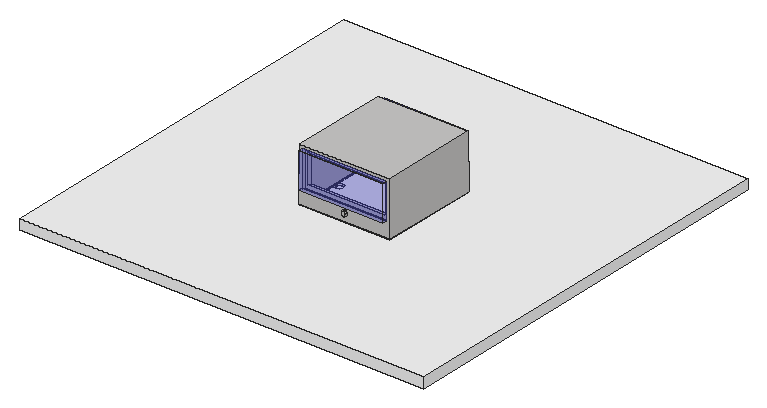
Revit family "BE_23013.2_de_DE", category Leuchten, Revit 2020
Family settings
  Basisbauteil = Fläche
  Bemaßung runder Anschluss = Durchmesser verwenden
  Teiletyp = Normal
  Beim Laden mit Abzugskörper schneiden = Ja
  Lichtquelle = Ja
  Gemeinsam genutzt = Nein
  Raumberechnungspunkt = Ja
Parameters (values of type "BEGA_23013.2_K3")
  built-in parameter 1150104 = 12.387 (stored number, unit not read)
  Wattage = 4.2 W
  Default Elevation = 0 mm
  built-in parameter 1150113 = 1 (stored number, unit not read)
  built-in parameter 1114218 = 1 (stored number, unit not read)
  Umgebungstemperatur = "25 °C"
  URL = "http://www.bega.de/de/produkt/23013.2"
  Typenkommentare = "© 2022 BEGA. Wir behalten uns das Recht vor, technische Änderungen ohne vorherige Ankündigung vorzunehmen."  # constant formula
  built-in parameter 1150134 = 12
  built-in parameter 1150109 = 1 (stored number, unit not read)
  Strom = ""
  built-in parameter 1150110 = 1 (stored number, unit not read)
  Spannung = 239.996 V
  Sonderanfertigung = no
  Seriennummer [instance] = "Hier können Sie die eindeutige Seriennummer für das Facility Management eintragen."
  Schutzklasse = "I"
  Schutzart = "IP 20"
  Scheinlast = 0 VA
  Produktdatenblatt = "http://www.bega.de/download/Xrfa/db/23013.2.db.de.pdf"
  Oberflächentemperatur = ""
  Neigungswinkel = 0.00°
  Model = "23013.2K4"
  Material_17 = BEGA_Reflektor
  Material_15 = BEGA_Leuchtmedium_matt
  Material_11 = BEGA_Glas_opal
  Material_09 = BEGA_Glas_klar
  Material_08 = BEGA_Oberfläche_Stahl_verzinkt
  Material_06 = BEGA_Oberfläche_Edelstahl_gebürstet
  Material_05 = BEGA_Oberfläche_Aluminium Guss
  Material_03 = BEGA_Oberfläche_Weiss_matt
  Material_02 = BEGA_Oberfläche_Silber_matt
  Material_01 [instance] = BEGA_Oberfläche_Grafit_matt
  M_W = no
  M_G = no
  M_A = no
  Logo = 0
  built-in parameter 1114217 = 1 (stored number, unit not read)
  built-in parameter 1150139 = (empty or 0)
  built-in parameter 1150105 = 44.562 (stored number, unit not read)
  built-in parameter 1150114 = 1 (stored number, unit not read)
  Lumens = 559.986 lm
  built-in parameter 1150115 = 1 (stored number, unit not read)
  Leuchtenlichtstrom = "229 lm"
  Leuchtenanzahl = ""
  Lebensdauerkriterien = "L70B50 @ 25 °C = 445000 h"
  Lastklassifizierung = Beleuchtung
  built-in parameter 1150112 = 1 (stored number, unit not read)
  Lampenlichtstrom = "530 lm"
  Lamp = "LED 4.2 W"
  LED_Modulbezeichnung = "2x LED-0234/940"
  Hersteller = "BEGA"  # constant formula
  Halbstreuwinkel = ""
  Gewicht = "0.7 kg"
  Gebrauchslageneinschränkung [instance] = ""
  Frequenz = "0/50-60 Hz"
  Farbwiedergabeindex = "CRI > 90"
  Farbtemperaturverschiebung bei Dämpfen der Lampe = <Keine Auswahl>
  Farbtemperatur = "4000 K"
  Color Filter = 16777215
  built-in parameter 1150133 = 10 (stored number, unit not read)
  Energieeffizienzklasse = "LED A++ - A"
  built-in parameter 1150137 = (empty or 0)
  built-in parameter 1150132 = (empty or 0)
  ENEC = "ja"
  Dimmbar [instance] = ""
  Photometric Web File = "BE_23013.2K4.IES"
  CE_Konformität = "ja"
  Bestellnummer = "23013.2K4"
  Beschreibung_Sonderanfertigung = "Hier können Sie Informationen zur Sonderanfertigung eintragen."
  Beschreibung = "Wandleuchte"
  built-in parameter 1150106 = 0.44562 (stored number, unit not read)
  Befestigungsbohrung = "Ø 8,5 mm"
  Befestigungsabstand = "68 mm"
  Ballwurfsicher = ""
  BEGA_Intern_aus = yes
  BEGA_Intern_an = yes
  BEGA_Intern_Konstruktion = yes
  BEGA_Intern = yes
  BEGA_IES = yes
  BEGA_Dummy = no
  Anschlussleitung = ""
  Anschlussleistung [instance] = "5.7 W"
  Anschlusskasten = ""
  built-in parameter 1150107 = 4000 (stored number, unit not read)
  built-in parameter 1150102 = (empty or 0)
  built-in parameter 1150138 = (empty or 0)
  Aktualisierung = "2019-07-05T04:00:16"
  Abstand_zur_angestrahlten_Fläche [instance] = ""
  AC/DC = "AC/DC"
Reference planes
  plane 1 "Mitte (Vorne/Hinten)": y = 0
  plane 2: z = 0
  plane 3 "Mitte (Links/Rechts)": x = 0
  plane 4 "Links": x = -45
  plane 5 "Rechts": x = 45
  plane 6 "Unten": y = -53.25
  plane 7 "Oben": y = 53.25
  plane 8 "Vorne": z = 54
  plane 9 "Hinten": z = 0
Forms (mm)
  Extrusion 1, solid, material "BEGA_Platte_Weiss"
    sketch origin (0, -1119.2, 0) x (1, 0, 0) y (0, 1, 0)
      loop
        line (-200, 1319.2) -> (-200, 919.2) -> (200, 919.2) -> (200, 1319.2) -> (-200, 1319.2)
    from 0 to -10
  Extrusion 2, solid, material "BEGA_Dummy_matt", visible <- "BEGA_Dummy"
    sketch origin (80.095, -76.023, 0) x (1, 0, 0) y (0, 1, 0)
      loop
        line (-125.095, 129.273) -> (-125.095, 22.773) -> (-35.095, 22.773) -> (-35.095, 129.273) -> (-125.095, 129.273)
    from 0 to 54
Dimensions and locks
  plane 1 "Mitte (Vorne/Hinten)" to Extrusion 1 = 200 mm
  aligned and locked: plane 2 to Extrusion 1
  aligned and locked: level to Extrusion 1
Nested families
  nested 1: "BE_23013.2" at (0, 0, 0), type "BE_23013.2"
Connectors
  electrical at (0, 0, 0), driven by "Lastklassifizierung", driven by "Spannung", driven by "Scheinlast"
    settings: index 1, voltage 239.996 V, apparent load 0 VA, apparent load phase1 0 VA, apparent load phase2 0 VA, apparent load phase3 0 VA, power factor 1, load classification "Beleuchtung", number of poles 1, system type 31, power factor state 1, is connector primary yes, connector utility no, sub classification motor no, connector description ""
Definition of nested family "BE_23013.2"
  Parameters (values of type "BE_23013.2")
    Default Elevation = 1 mm
    URL = "http://www.bega.de/de/produkt"
    Type Comments = "© 2015 BEGA. Wir behalten uns das Recht vor, technische Änderungen ohne vorherige Ankündigung vorzunehmen. "  # constant formula
    Type Image = (empty or 0)
    Neigungswinkel_um_Z2 = 0.00°
    Neigungswinkel_um_Z1 = 0.00°
    Neigungswinkel_um_Y2 = 0.00°
    Neigungswinkel_um_Y1 = 0.00°
    Neigungswinkel_um_X2 = 0.00°
    Neigungswinkel_um_X1 = 0.00°
    Material_17 = none
    Material_15 = none
    Material_11 = none
    Material_09 = none
    Material_08 = none
    Material_06 = none
    Material_05 = none
    Material_03 = none
    Material_02 = none
    Material_01 = none
    M_W = yes
    M_G = yes
    M_A = yes
    Länge_Platte = 200 mm  # constant formula
    Höhe_Platte = -10 mm  # constant formula
    Manufacturer = "BEGA"  # constant formula
    Drehwinkel_um_Z2 = 0.00°
    Drehwinkel_um_Z1 = 0.00°
    Breite_Platte = 200 mm  # constant formula
  Reference planes
    plane 1 "Mitte (Oben/Unten)": y = 0
    plane 2: z = 0
    plane 3 "Mitte (Links/Rechts)": x = 0
    plane 4: x = -45
    plane 5: z = 54
    plane 6: x = 45
    plane 7: y = 53.25
    plane 8: y = -53.25
  Forms (mm)
    Extrusion 1, solid, detail levels medium
      sketch origin (0, 0, 0) x (1, 0, 0) y (0, 1, 0)
        loop
          line (-100, 100) -> (-100, -100) -> (100, -100) -> (100, 100) -> (-100, 100)
      from 0 to -10 <- "Höhe_Platte"
    Extrusion 2, solid, material <- "Material_06", detail levels medium+fine
      sketch origin (0, 0, 0) x (0, 1, 0) y (0, 0, 1)
        loop
          line (48.25, 1) -> (48.25, 54) -> (-48.25, 54) -> (-48.25, 1) -> (-45.835, 1) -> (-45.835, 52) -> (45.835, 52) -> (45.835, 1) -> (48.25, 1)
      from -46.014 to 46.014
    Extrusion 3, solid, material <- "Material_06", detail levels medium+fine
      sketch origin (0, 0, 0) x (1, 0, 0) y (0, 0, 1)
        loop
          line (-46.014, 54) -> (-46.014, 1) -> (-43.5, 1) -> (-43.5, 54) -> (-46.014, 54)
        loop
          line (46.014, 54) -> (43.5, 54) -> (43.5, 1) -> (46.014, 1) -> (46.014, 54)
      from -48.25 to 48.25
    Extrusion 4, void
      sketch origin (0, 0, 0) x (1, 0, 0) y (0, 0, 1)
        loop
          line (-45.008, 0.549) -> (-44.065, 54.543) -> (-46.84, 54.543) -> (-46.84, 0.549) -> (-45.008, 0.549)
        loop
          line (45.008, 0.549) -> (46.84, 0.549) -> (46.84, 54.543) -> (44.065, 54.543) -> (45.008, 0.549)
      from -49.824 to 51.45
    Sweep 5, solid, material <- "Material_03", detail levels medium+fine
      path origin (0, 0, 0) x (1, 0, 0) y (0, 1, 0)
        loop
          line (45, 48.25) -> (-45, 48.25) -> (-45, -48.25) -> (45, -48.25) -> (45, 48.25)
      profile origin (0, 48.25, 0) x (0, -1, 0) y (0, 0, 1)
        loop
          line (0.5, 0) -> (4.017, 0)
          arc (4.017, 0) -> (5.077, 0.439) -> (5.517, 1.5) r 1.5
          line (5.517, 1.5) -> (5.517, 2.5)
          arc (5.517, 2.5) -> (5.663, 2.854) -> (6.017, 3) r 0.5
          line (6.017, 3) -> (42.243, 3) -> (42.243, 4) -> (6.017, 4)
          arc (6.017, 4) -> (4.956, 3.561) -> (4.517, 2.5) r 1.5
          line (4.517, 2.5) -> (4.517, 1.5)
          arc (4.517, 1.5) -> (4.37, 1.146) -> (4.017, 1) r 0.5
          line (4.017, 1) -> (0.5, 1) -> (0.5, 0)
    Extrusion 6, solid, material <- "Material_03", detail levels medium+fine
      sketch origin (0, 0, 0) x (0, 1, 0) y (0, 0, 1)
        loop
          line (6.007, 4) -> (-6.007, 4) -> (-6.007, 3) -> (6.007, 3) -> (6.007, 4)
      from -2.757 to 2.757
    Extrusion 7, void
      sketch origin (0, 0, 0) x (1, 0, 0) y (0, 1, 0)
        loop
          circle (10, 17) r 8.5
        loop
          circle (-34, -12) r 4.25
        loop
          circle (34, -12) r 4.25
      from 0 to 8
    Extrusion 8, solid, material <- "Material_06", detail levels medium+fine
      sketch origin (0, 0, 0) x (0, 1, 0) y (0, 0, 1)
        loop
          line (45.835, 52) -> (42.76, 52) -> (42.76, 13.991) -> (45.835, 13.991) -> (45.835, 52)
        loop
          line (-45.835, 52) -> (-45.835, 13.991) -> (-42.76, 13.991) -> (-42.76, 52) -> (-45.835, 52)
      from -43.09 to 43.5
    Extrusion 9, void
      sketch origin (0, 0, 0) x (0, 1, 0) y (0, 0, 1)
        loop
          line (49.5, 48.03) -> (-49.715, 48.03) -> (-49.715, 18.623) -> (49.5, 18.623) -> (49.5, 48.03)
      from -38.275 to 38.275
    Extrusion 10, void
      sketch origin (0, 0, 0) x (0, 1, 0) y (0, 0, 1)
        loop
          line (45.835, 51.347) -> (45.835, 15.347) -> (49.744, 15.347) -> (49.744, 51.347) -> (45.835, 51.347)
        loop
          line (-45.835, 51.347) -> (-49.744, 51.347) -> (-49.744, 15.347) -> (-45.835, 15.347) -> (-45.835, 51.347)
      from -41.566 to 41.769
    Extrusion 11, solid, material <- "Material_11", detail levels medium+fine
      sketch origin (0, 0, 0) x (0, 1, 0) y (0, 0, 1)
        loop
          line (53.25, 15.347) -> (53.25, 51.347) -> (45.25, 51.347) -> (45.25, 15.347) -> (53.25, 15.347)
      from -41.566 to 41.769
    Extrusion 12, solid, material <- "Material_11", detail levels medium+fine
      sketch origin (0, 0, 0) x (0, -1, 0) y (0, 0, -1)
        loop
          line (53.25, -15.347) -> (45.25, -15.347) -> (45.25, -51.347) -> (53.25, -51.347) -> (53.25, -15.347)
      from -41.566 to 41.769
    Revolve 13, void
      sketch origin (0, 0, 0) x (0, 1, 0) y (0, 0, 1)
        loop
          line (-46.138, 10.5) -> (-47.677, 10.5) -> (-48.584, 11.407) -> (-48.584, 8) -> (-46.138, 8) -> (-46.138, 10.5)
        axis (-46.138, 8) -> (-48.584, 8)
      angle from 0 to 360
    Revolve 14, solid, material <- "Material_06", detail levels fine
      sketch origin (0, 0, 0) x (0, 1, 0) y (0, 0, 1)
        loop
          line (-49.45, 10) -> (-49.45, 8) -> (-46.138, 8) -> (-46.138, 10.5) -> (-47.633, 10.5) -> (-48.25, 10) -> (-49.45, 10)
        axis (-46.138, 8) -> (-49.45, 8)
      angle from 0 to 360
  Cuts and joins
    Extrusion 4, Extrusion 9, Extrusion 10, Revolve 13 cuts Extrusion 2
    Extrusion 4, Extrusion 9, Extrusion 10, Revolve 13 cuts Extrusion 3
    Extrusion 9, Extrusion 10, Revolve 13 cuts Extrusion 8
    joined: Extrusion 2, Extrusion 3, Extrusion 8
    Extrusion 7 cuts Sweep 5
    Extrusion 7 cuts Extrusion 6
    joined: Sweep 5, Extrusion 6
  Dimensions and locks
    equal spacing: Extrusion 1 sketch curve, plane 3 "Mitte (Links/Rechts)", Extrusion 1 sketch curve
    equal spacing: Extrusion 1 sketch curve, plane 1 "Mitte (Oben/Unten)", Extrusion 1 sketch curve
    "Länge_Platte": Extrusion 1 sketch curve to Extrusion 1 sketch curve
    "Breite_Platte": Extrusion 1 sketch curve to Extrusion 1 sketch curve
    aligned and locked: Extrusion 1 to plane 2
    aligned and locked: level to Extrusion 1
  Automatic sketch dimensions
    level to Extrusion 2 sketch curve = 1 mm  (x2)
    plane 1 "Mitte (Oben/Unten)" to Extrusion 2 sketch curve = 48.25 mm
    Extrusion 2 sketch curve to Extrusion 2 sketch curve = 2.415 mm  (x2)
    Extrusion 2 sketch curve to plane 1 "Mitte (Oben/Unten)" = 45.835 mm
    Extrusion 2 sketch curve to Extrusion 2 sketch curve = 51 mm
    Extrusion 2 sketch curve to Extrusion 2 sketch curve = 2 mm
    level to Extrusion 3 sketch curve = 1 mm  (x2)
    Extrusion 3 sketch curve to plane 3 "Mitte (Links/Rechts)" = 46.014 mm
    Extrusion 3 sketch curve to Extrusion 3 sketch curve = 2.514 mm  (x2)
    plane 3 "Mitte (Links/Rechts)" to Extrusion 3 sketch curve = 43.5 mm
    Extrusion 3 sketch curve to Extrusion 3 sketch curve = 53 mm  (x2)
    Extrusion 4 sketch curve to plane 3 "Mitte (Links/Rechts)" = 46.84 mm
    level to Extrusion 4 sketch curve = 0.549 mm  (x2)
    Extrusion 4 sketch curve to Extrusion 4 sketch curve = 1.832 mm  (x2)
    Extrusion 4 sketch curve to Extrusion 4 sketch curve = 2.775 mm
    plane 3 "Mitte (Links/Rechts)" to Extrusion 4 sketch curve = 44.065 mm
    plane 3 "Mitte (Links/Rechts)" to Extrusion 4 sketch curve = 45.008 mm
    Extrusion 4 sketch curve to Extrusion 4 sketch curve = 53.994 mm  (x2)
    Sweep 5 sketch curve to plane 3 "Mitte (Links/Rechts)" = 45 mm
    plane 3 "Mitte (Links/Rechts)" to Sweep 5 sketch curve = 45 mm
    plane 1 "Mitte (Oben/Unten)" to Sweep 5 sketch curve = 48.25 mm
    Sweep 5 sketch curve to plane 1 "Mitte (Oben/Unten)" = 48.25 mm
    Sweep 5 sketch curve to Sweep 5 sketch curve = 0 mm  (x4)
    Sweep 5 sketch curve to level = 0 mm
    Sweep 5 sketch curve to profile plane = 0.5 mm
    level to Sweep 5 sketch curve = 1 mm
    Sweep 5 sketch curve to Sweep 5 sketch curve = 3.517 mm
    Sweep 5 sketch curve to Sweep 5 sketch curve = 0.5 mm  (x2)
    level to Sweep 5 sketch curve = 4 mm
    Sweep 5 sketch curve to Sweep 5 sketch curve = 36.226 mm
    plane 1 "Mitte (Oben/Unten)" to Extrusion 6 sketch curve = 6.007 mm
    level to Extrusion 6 sketch curve = 3 mm
    Extrusion 6 sketch curve to plane 1 "Mitte (Oben/Unten)" = 6.007 mm
    Extrusion 6 sketch curve to Extrusion 6 sketch curve = 1 mm
    plane 1 "Mitte (Oben/Unten)" to Extrusion 7 sketch curve = 12 mm  (x2)
    Extrusion 7 sketch curve to plane 3 "Mitte (Links/Rechts)" = 34 mm
    plane 3 "Mitte (Links/Rechts)" to Extrusion 7 sketch curve = 10 mm
    plane 3 "Mitte (Links/Rechts)" to Extrusion 7 sketch curve = 34 mm
    Extrusion 7 sketch curve to plane 1 "Mitte (Oben/Unten)" = 17 mm
    level to Extrusion 8 sketch curve = 13.991 mm  (x2)
    plane 1 "Mitte (Oben/Unten)" to Extrusion 8 sketch curve = 45.835 mm
    Extrusion 8 sketch curve to Extrusion 8 sketch curve = 3.075 mm  (x2)
    Extrusion 8 sketch curve to plane 1 "Mitte (Oben/Unten)" = 42.76 mm
    Extrusion 8 sketch curve to Extrusion 8 sketch curve = 38.009 mm  (x2)
    plane 1 "Mitte (Oben/Unten)" to Extrusion 9 sketch curve = 49.715 mm
    level to Extrusion 9 sketch curve = 18.623 mm
    Extrusion 9 sketch curve to plane 1 "Mitte (Oben/Unten)" = 49.5 mm
    Extrusion 9 sketch curve to Extrusion 9 sketch curve = 29.407 mm
    plane 1 "Mitte (Oben/Unten)" to Extrusion 10 sketch curve = 49.744 mm
    Extrusion 10 sketch curve to Extrusion 10 sketch curve = 3.91 mm  (x2)
    level to Extrusion 10 sketch curve = 15.347 mm  (x2)
    Extrusion 10 sketch curve to plane 1 "Mitte (Oben/Unten)" = 45.835 mm
    Extrusion 10 sketch curve to Extrusion 10 sketch curve = 36 mm  (x2)
    level to Extrusion 11 sketch curve = 15.347 mm
    Extrusion 11 sketch curve to plane 1 "Mitte (Oben/Unten)" = 45.25 mm
    Extrusion 11 sketch curve to Extrusion 11 sketch curve = 8 mm
    Extrusion 11 sketch curve to Extrusion 11 sketch curve = 36 mm
    Extrusion 12 sketch curve to level = 15.347 mm
    Extrusion 12 sketch curve to plane 1 "Mitte (Oben/Unten)" = 45.25 mm
    Extrusion 12 sketch curve to Extrusion 12 sketch curve = 8 mm
    Extrusion 12 sketch curve to Extrusion 12 sketch curve = 36 mm
    level to Revolve 14 sketch curve = 10 mm
    plane 1 "Mitte (Oben/Unten)" to Revolve 14 sketch curve = 49.45 mm
    Revolve 14 sketch curve to Revolve 14 sketch curve = 1.2 mm
    level to Revolve 14 sketch curve = 10.5 mm
    Revolve 14 sketch curve to Revolve 14 sketch curve = 0.617 mm
    Revolve 14 sketch curve to Revolve 14 sketch curve = 1.494 mm
    Revolve 14 sketch curve to Revolve 14 sketch curve = 2.5 mm
    Revolve 14 sketch curve to Revolve 14 sketch curve = 0 mm  (x3)
    level to Revolve 13 sketch curve = 8 mm
    plane 1 "Mitte (Oben/Unten)" to Revolve 13 sketch curve = 48.584 mm
    Revolve 13 sketch curve to Revolve 13 sketch curve = 0.907 mm  (x2)
    Revolve 13 sketch curve to Revolve 13 sketch curve = 2.445 mm
    Revolve 13 sketch curve to Revolve 13 sketch curve = 2.5 mm
    Revolve 13 sketch curve to Revolve 13 sketch curve = 0 mm  (x3)
    radius of Extrusion 7 sketch curve = 8.5 mm
    radius of Extrusion 7 sketch curve = 4.25 mm  (x2)
